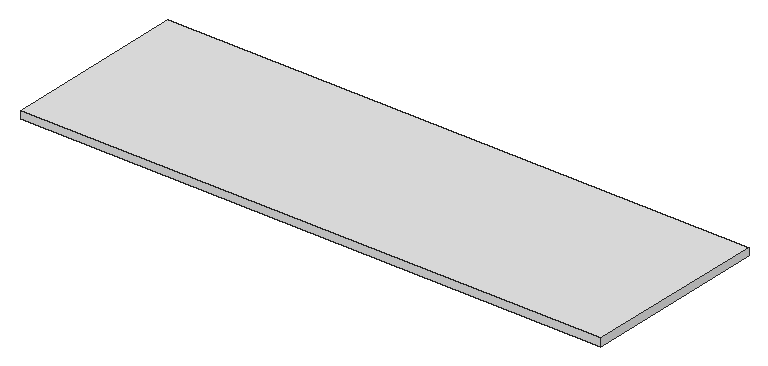
Revit family "Versatex_Generic Model_5-8” x 16” TRIMBOARD", category Generic Models, host Face, Revit 2022
Family settings
  Host = Face
  Can host rebar = No
  Round Connector Dimension = Use Diameter
  Part Type = Normal
  Cut with Voids When Loaded = No
  Maintain Annotation Orientation = No
  Shared = No
  Room Calculation Point = No
Parameters
  Model = "TBSM/TR581618"
  Length = 4' - 0"
  Warranty = "https://versatex.com/warranty/"
  URL = "https://versatex.com/"
  Specification = "https://www.arcat.com/company/versatex-45716/spec?coid=45716"
  Sales Information = "https://versatex.com/dealer-locator/"
  Message Manufacturer = "https://versatex.com/contact/"
  Material = Versatex PVC - Smooth
  Manufacturer Website = "https://versatex.com/"
  Manufacturer Phone = "724-857-1111"
  Manufacturer Fax = "724-857-1171"
  Manufacturer Address = "400 Steel Street, Aliquippa, PA 15001"
  Manufacturer = "Versatex"
  Literature = "https://versatex.com/literature/?_sft_literature_category=cads"
  Description = "NOMINAL 5/8” x 16” TRIMBOARD"
  Default Elevation = 4' - 0"
  Copyright = "© 2024 VERSATEX Building Products, LLC"
Reference planes (in)
  plane 1 "Center (Front/Back)": y = 0
  plane 2: z = 0
  plane 3 "Center (Left/Right)": x = 0
  plane 4: x = 24
  plane 5: x = -24
Forms (in)
  Sweep 1, solid, material "Versatex PVC - Smooth" <- "Material"
    path origin (0, 0, 0) x (1, 0, 0) y (0, 1, 0)
      loop
        line (-24, 0) -> (24, 0)
    profile "Versatex_Profile_5-8” x 16” TRIMBOARD : Versatex_Profile_5-8” x 16” TRIMBOARD" origin (0, 0, 0) x (0, 1, 0) y (0, 0, 1)
      loop
        line (0, 0) -> (15.25, 0) -> (15.25, 0.625) -> (0, 0.625) -> (0, 0)
Dimensions and locks (in)
  "Length": plane 5 to plane 4
  equal spacing: plane 5, plane 3 "Center (Left/Right)", plane 4, locked at 24 each
  aligned and locked: plane 2 to host face
  aligned and locked: level to host face
Automatic sketch dimensions
  host sketch curve to host sketch curve = 8' - 0"  (x2)
  plane 1 "Center (Front/Back)" to Sweep 1 sketch curve = 0' - 0"
  Sweep 1 sketch curve to plane 5 = 0' - 0"
  Sweep 1 sketch curve to plane 4 = 0' - 0"
